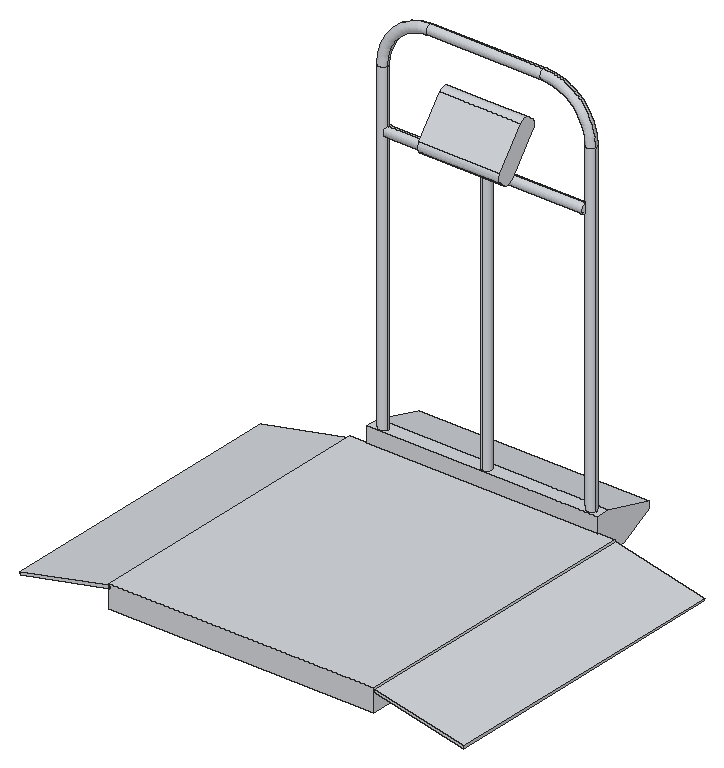
Revit family "MX450D", category Specialty Equipment, Revit 2021
Family settings
  Round Connector Dimension = Use Diameter
  Part Type = Normal
  Work Plane-Based = No
  Always vertical = Yes
  Cut with Voids When Loaded = No
  Shared = No
  Room Calculation Point = No
Parameters
  platform width = 28.00"
  platform depth = 31.83"
  Ramp Width = 47.29"
  OAL height = 44.55"
  OAL depth = 38.62"
  Default Elevation = 0.00"
Reference planes (in)
  plane 1 "Center (Front/Back)": y = 0
  plane 2: z = 0
  plane 3 "Center (Left/Right)": x = 0
  plane 4: x = -14
  plane 5: x = 14
  plane 6: x = -23.645
  plane 7: x = 23.645
  plane 8: y = -31.83
  plane 9: y = 6.79
  plane 10: z = 44.55
Forms (in)
  Extrusion 1, solid
    sketch origin (0, 0, 0) x (1, 0, 0) y (0, 1, 0)
      loop
        line (-14, 0) -> (-14, -31.83) -> (14, -31.83) -> (14, 0) -> (-14, 0)
    from 0 to 2.42
  Extrusion 2, solid
    sketch origin (0, 0, 0) x (0, 1, 0) y (0, 0, 1)
      loop
        line (0, 0) -> (3.38857, 0) -> (6.79, 1.73312) -> (6.79, 2.48312) -> (1.5, 4) -> (0, 4) -> (0, 0)
    from -12.15754 to 12.20957
  Sweep 3, solid
    path origin (0, 0, -1.12246) x (1, 0, 0) y (0, 0, 1)
      loop
        line (-11, 4) -> (-11, 39.55)
        arc (-11, 39.55) -> (-9.53553, 43.08553) -> (-6, 44.55) r 5
        line (-6, 44.55) -> (6, 44.55)
        arc (6, 44.55) -> (9.53553, 43.08553) -> (11, 39.55) r 5
        line (11, 39.55) -> (11, 4)
    profile origin (-11, 0, 20.65254) x (-1, 0, 0) y (0, -1, 0)
      loop
        circle (0, -0.67585) r 0.5
  Sweep 4, solid
    path origin (-0.08957, 0, 0) x (1, 0, 0) y (0, 0, 1)
      loop
        line (0, 34.55) -> (0, 4)
    profile origin (-0.08957, 0, 19.275) x (0, -1, 0) y (1, 0, 0)
      loop
        circle (-0.68053, 0.02601) r 0.5
  Sweep 5, solid
    path origin (0, 0, 0) x (1, 0, 0) y (0, 0, 1)
      loop
        line (-10.57873, 32.23708) -> (10.42127, 32.23708)
    profile origin (-0.07873, 0, 32.23708) x (0, 0, 1) y (0, -1, 0)
      loop
        circle (0, -0.67529) r 0.5
  Extrusion 6, solid
    sketch origin (0, 37.94052, 22.2044) x (0, 0.615661, 0.788011) y (0, -0.788011, 0.615661)
      loop
        arc (-15.13316, 40.09756) -> (-15.66349, 39.87789) -> (-15.88316, 39.34756) r 0.75
        line (-15.88316, 39.34756) -> (-15.88316, 38.84756)
        arc (-15.88316, 38.84756) -> (-15.66349, 38.31723) -> (-15.13316, 38.09756) r 0.75
        line (-15.13316, 38.09756) -> (-10.63316, 38.09756)
        arc (-10.63316, 38.09756) -> (-10.10283, 38.31723) -> (-9.88316, 38.84756) r 0.75
        line (-9.88316, 38.84756) -> (-9.88316, 39.34756)
        arc (-9.88316, 39.34756) -> (-10.10283, 39.87789) -> (-10.63316, 40.09756) r 0.75
        line (-10.63316, 40.09756) -> (-15.13316, 40.09756)
    from -4.30281 to 4.25655
  Extrusion 7, solid
    sketch origin (0.34427, 0, 4.89419) x (0.978148, 0, -0.207912) y (0, 1, 0)
      loop
        line (14, 0) -> (14, -31.83) -> (23.645, -31.83) -> (23.645, 0) -> (14, 0)
    from 0 to 0.2401
  Extrusion 8, solid
    sketch origin (-0.20799, 0, 4.90135) x (0.978148, 0, 0.207912) y (0, 1, 0)
      loop
        line (-23.645, 0) -> (-23.645, -31.83) -> (-14, -31.83) -> (-14, 0) -> (-23.645, 0)
    from 0 to 0.28551
Dimensions and locks (in)
  equal spacing: plane 4, plane 3 "Center (Left/Right)", plane 5
  "platform width": plane 4 to plane 5
  equal spacing: plane 6, plane 3 "Center (Left/Right)", plane 7
  "Ramp Width": plane 6 to plane 7
  "platform depth": plane 8 to plane 1 "Center (Front/Back)"
  "OAL depth": plane 9 to plane 8
  "OAL height": plane 10 to level
  aligned and locked: level to plane 2
  aligned and locked: plane 1 "Center (Front/Back)" to Extrusion 1 sketch curve
  aligned and locked: plane 4 to Extrusion 1 sketch curve
  aligned and locked: plane 8 to Extrusion 1 sketch curve
  aligned and locked: Extrusion 1 sketch curve to plane 5
Automatic sketch dimensions
  Extrusion 2 sketch curve to level = 0.00"
  Extrusion 2 sketch curve to plane 1 "Center (Front/Back)" = 0.00"
  Extrusion 2 sketch curve to plane 9 = 0.00"
  Extrusion 2 sketch curve to plane 1 "Center (Front/Back)" = 1.50"
  level to Extrusion 2 sketch curve = 1.73312"
  Extrusion 2 sketch curve to Extrusion 2 sketch curve = 0.75"
  level to Extrusion 2 sketch curve = 4.00"
  Extrusion 2 sketch curve to Extrusion 2 sketch curve = 3.38857"
  Sweep 3 sketch curve to plane 10 = 1.12246"
  plane 4 to Sweep 3 sketch curve = 3.00"
  Sweep 3 sketch curve to plane 3 "Center (Left/Right)" = 6.00"
  plane 3 "Center (Left/Right)" to Sweep 3 sketch curve = 6.00"
  Sweep 3 sketch curve to plane 5 = 3.00"
  level to Sweep 3 sketch curve = 2.87754"  (x2)
  Sweep 3 sketch curve to plane 1 "Center (Front/Back)" = 0.67585"
  Sweep 3 sketch curve to profile plane = 0.00"
  Sweep 4 sketch curve to plane 3 "Center (Left/Right)" = 0.08957"
  level to Sweep 4 sketch curve = 4.00"
  Sweep 4 sketch curve to plane 10 = 10.00"
  Sweep 4 sketch curve to plane 1 "Center (Front/Back)" = 0.68053"
  Sweep 4 sketch curve to profile plane = 0.02601"
  plane 4 to Sweep 5 sketch curve = 3.42127"
  Sweep 5 sketch curve to plane 5 = 3.57873"
  Sweep 5 sketch curve to plane 10 = 12.31292"
  Sweep 5 sketch curve to plane 1 "Center (Front/Back)" = 0.67529"
  profile plane to Sweep 5 sketch curve = 0.00"
  plane 1 "Center (Front/Back)" to Extrusion 6 sketch curve = 2.45042"
  Extrusion 6 sketch curve to plane 10 = 10.94476"
  Extrusion 6 sketch curve to Extrusion 6 sketch curve = 0.75"  (x2)
  Extrusion 6 sketch curve to Extrusion 6 sketch curve = 0.00"  (x2)
  Extrusion 6 sketch curve to Extrusion 6 sketch curve = 4.50"
  Extrusion 6 sketch curve to Extrusion 6 sketch curve = 0.50"
  Extrusion 7 sketch curve to plane 8 = 0.00"
  plane 1 "Center (Front/Back)" to Extrusion 7 sketch curve = 0.00"
  Extrusion 7 sketch curve to Extrusion 7 sketch curve = 9.645"
  Extrusion 8 sketch curve to plane 8 = 0.00"
  plane 1 "Center (Front/Back)" to Extrusion 8 sketch curve = 0.00"
  Extrusion 8 sketch curve to Extrusion 8 sketch curve = 9.645"
  radius of Sweep 3 sketch curve = 0.50"
  radius of Sweep 4 sketch curve = 0.50"
  radius of Sweep 5 sketch curve = 0.50"
